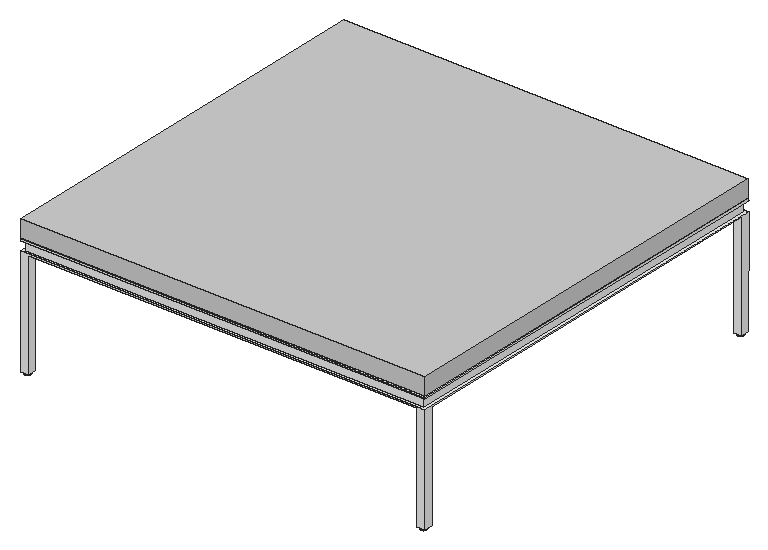
Revit family "Elan_Span_CoffeeTable", category Furniture, Revit 2010
Parameters (values of type "32"")
  Width = 2' - 8"
  Upholstery (Body) [instance] = Furniture - DECCA (Elan) - Span - Upholstery
  URL = "http://elanbydecca.com/"
  Upholstery (Seat) [instance] = Furniture - DECCA (Elan) - Span - Upholstery
  Top [instance] = Furniture - DECCA (Elan) - Span - Body
  Base [instance] = Furniture - DECCA (Elan) - Span - Base
  Product URL = "http://elanbydecca.com/PDFs/elan_tearsheet-span.pdf"
  Model = "DG CT140"
  Manufacturer = "Decca Contract"
  Height = 0' - 11"  # constant formula
  Description = "Span Coffee Table, 32\""
  Depth = 2' - 8"  # constant formula
  Assembly Description = "Furniture & Accessories"
  Assembly Code = "E2020200"
Types (3): name | Width | Model | Description
  (no name) | 2' - 8" | "DG CT140" | "Span Coffee Table, 32\""
  64" | 5' - 4" | "DG CT150" | "Span Coffee Table, 64\""
  32" | 2' - 8" | "DG CT140" | "Span Coffee Table, 32\""
Reference planes (in)
  plane 1 "Center Front/Back": y = -0.7524
  plane 2: z = 0
  plane 3 "Center Left/Right": x = 0
  plane 4 "L": x = -16
  plane 5 "R": x = 16
  plane 6 "F": y = -16.7524
  plane 7: y = 15.2476
  plane 8: through (-6.25338, 2.33237, 23.38953) normal (0.4297, -0.4297, 0.7941)
  plane 9: z = 11
  plane 10: x = 14.58682
  plane 11: x = -14.58682
  plane 12: y = -15.33922
  plane 13: y = 13.83442
  plane 14: z = 11
  plane 15: z = 9.65042
  plane 16: z = 9.56045
  plane 17: z = 9.44049
  plane 18: z = 8.69071
  plane 19 "BR": z = 8.57075
  plane 20: z = 0.14995
  plane 21: x = -15.34233
  plane 22: x = 15.34233
  plane 23: y = 14.58631
  plane 24: y = -16.09111
  plane 25 "fl": y = -16.42176
  plane 26 "bl": y = 14.91696
  plane 27: x = -15.67117
  plane 28: x = 15.67117
Forms (in)
  Sweep 1, solid, material "Furniture - DECCA (Elan) - Span - Base" <- "Base"
    path origin (0, 0, 8.57075) x (0, -1, 0) y (1, 0, 0)
      loop
        line (-13.83442, -14.58682) -> (15.33922, -14.58682) -> (15.33922, 14.58682) -> (-13.83442, 14.58682) -> (-13.83442, -14.58682)
    profile origin (-14.58682, -0.7524, 8.57075) x (1, 0, 0) y (0, 0, 1)
      loop
        line (0, 0.11996) -> (-0.45349, 0.11996) -> (-0.45349, 0.9897) -> (-0.63343, 0.9897) -> (-0.63343, 1.07968) -> (-1.23324, 1.07968) -> (-1.23324, 0.9897) -> (-1.41318, 0.9897) -> (-1.41318, 0.86974) -> (-1.17326, 0.86974) -> (-1.17326, 0.11996) -> (-1.41318, 0.11996) -> (-1.41318, 0) -> (0, 0) -> (0, 0.11996)
  Extrusion 2, solid, material "Furniture - DECCA (Elan) - Span - Base" <- "Base"
    sketch origin (0, 0, 8.57075) x (0, -1, 0) y (1, 0, 0)
      loop
        line (-15.2476, -16) -> (-14.58631, -16) -> (-14.58631, -15.34233) -> (-15.2476, -15.34233) -> (-15.2476, -16)
      loop
        line (16.7524, -16) -> (16.7524, -15.34233) -> (16.09111, -15.34233) -> (16.09111, -16) -> (16.7524, -16)
      loop
        line (-15.2476, 15.34233) -> (-14.58631, 15.34233) -> (-14.58631, 16) -> (-15.2476, 16) -> (-15.2476, 15.34233)
      loop
        line (16.09111, 15.34233) -> (16.7524, 15.34233) -> (16.7524, 16) -> (16.09111, 16) -> (16.09111, 15.34233)
    from -8.42079 to 0
  Revolve 3, solid, material "Furniture - DECCA (Elan) - Span - Base" <- "Base"
    sketch origin (0, -16.42176, 0) x (1, 0, 0) y (0, 0, 1)
      loop
        line (-15.67117, 0) -> (-15.67117, 0.14995) -> (-15.93752, 0.14995) -> (-15.93752, 0.06366)
        arc (-15.93752, 0.06366) -> (-15.91887, 0.01865) -> (-15.87386, 0) r 0.06366
        line (-15.87386, 0) -> (-15.67117, 0)
      axis (-15.67117, 0.14995) -> (-15.67117, 0)
    angle from 0 to 360
  Revolve 4, solid, material "Furniture - DECCA (Elan) - Span - Base" <- "Base"
    sketch origin (0, 14.91696, 0) x (1, 0, 0) y (0, 0, 1)
      loop
        line (-15.67117, 0) -> (-15.67117, 0.14995) -> (-15.93752, 0.14995) -> (-15.93752, 0.06366)
        arc (-15.93752, 0.06366) -> (-15.91887, 0.01865) -> (-15.87386, 0) r 0.06366
        line (-15.87386, 0) -> (-15.67117, 0)
      axis (-15.67117, 0.14995) -> (-15.67117, 0)
    angle from 0 to 360
  Revolve 5, solid, material "Furniture - DECCA (Elan) - Span - Base" <- "Base"
    sketch origin (0, -16.42176, 0) x (1, 0, 0) y (0, 0, 1)
      loop
        line (15.67117, 0) -> (15.67117, 0.14995) -> (15.40482, 0.14995) -> (15.40482, 0.06366)
        arc (15.40482, 0.06366) -> (15.42346, 0.01865) -> (15.46848, 0) r 0.06366
        line (15.46848, 0) -> (15.67117, 0)
      axis (15.67117, 0.14995) -> (15.67117, 0)
    angle from 0 to 360
  Revolve 6, solid, material "Furniture - DECCA (Elan) - Span - Base" <- "Base"
    sketch origin (0, 14.91696, 0) x (1, 0, 0) y (0, 0, 1)
      loop
        line (15.67117, 0) -> (15.67117, 0.14995) -> (15.40482, 0.14995) -> (15.40482, 0.06366)
        arc (15.40482, 0.06366) -> (15.42346, 0.01865) -> (15.46848, 0) r 0.06366
        line (15.46848, 0) -> (15.67117, 0)
      axis (15.67117, 0.14995) -> (15.67117, 0)
    angle from 0 to 360
  Extrusion 7, solid, material "Furniture - DECCA (Elan) - Span - Body" <- "Top"
    sketch origin (0, 0, 8.57075) x (0, -1, 0) y (1, 0, 0)
      loop
        line (-15.2476, -16) -> (16.7524, -16) -> (16.7524, 16) -> (-15.2476, 16) -> (-15.2476, -16)
    from 1.07968 to 2.42925
Cuts and joins
  joined: Sweep 1, Extrusion 2, Revolve 3, Revolve 4, Revolve 5, Revolve 6
Dimensions and locks (in)
  equal spacing: plane 4 "L", plane 3 "Center Left/Right", plane 5 "R"
  equal spacing: plane 7, plane 1 "Center Front/Back", plane 6 "F"
  "Width": plane 4 "L" to plane 5 "R"
  "Depth": plane 7 to plane 6 "F"
  "Height": plane 9 to level
  locked: plane 10 to plane 5 "R" at 1.41318
  locked: plane 4 "L" to plane 11 at 1.41318
  locked: plane 13 to plane 7 at 1.41318
  locked: plane 6 "F" to plane 12 at 1.41318
  locked: plane 20 to level at 0.14995
  plane 14 to plane 15 to plane 16 to plane 17 to plane 18 to plane 19 "BR" = 0' - 1.34958" locked, 0' - 0.08997" locked, 0' - 0.11996" locked, 0' - 0.74978" locked, 0' - 0.11996" locked
  plane 4 "L" to plane 27 to plane 21 = 0' - 0.32883" locked, 0' - 0.32883" locked
  plane 22 to plane 28 to plane 5 "R" = 0' - 0.32883" locked, 0' - 0.32883" locked
  plane 23 to plane 26 "bl" to plane 7 = 0' - 0.33064" locked, 0' - 0.33064" locked
  plane 24 to plane 25 "fl" to plane 6 "F" = 0' - 0.33064" locked, 0' - 0.33064" locked
  "Height": plane 14 to level
  aligned and locked: Sweep 1 sketch curve to plane 11
  aligned and locked: plane 13 to Sweep 1 sketch curve
  aligned and locked: plane 10 to Sweep 1 sketch curve
  aligned and locked: Sweep 1 sketch curve to plane 12
  aligned and locked: profile plane to Sweep 1 sketch curve
  aligned and locked: Sweep 1 sketch curve to plane 19 "BR"
  aligned and locked: Sweep 1 sketch curve to plane 18
  aligned and locked: Sweep 1 sketch curve to plane 4 "L"
  aligned and locked: Sweep 1 sketch curve to plane 17
  aligned and locked: Sweep 1 sketch curve to plane 16
  aligned and locked: plane 4 "L" to Extrusion 2 sketch curve
  aligned and locked: plane 21 to Extrusion 2 sketch curve
  aligned and locked: plane 7 to Extrusion 2 sketch curve
  aligned and locked: plane 6 "F" to Extrusion 2 sketch curve
  aligned and locked: Extrusion 2 sketch curve to plane 22
  aligned and locked: Extrusion 2 sketch curve to plane 5 "R"
  aligned and locked: Extrusion 2 to plane 19 "BR"
  aligned and locked: plane 7 to Extrusion 7 sketch curve
  aligned and locked: plane 4 "L" to Extrusion 7 sketch curve
  aligned and locked: Extrusion 7 sketch curve to plane 5 "R"
  aligned and locked: plane 6 "F" to Extrusion 7 sketch curve
  aligned and locked: plane 15 to Extrusion 7
  aligned and locked: Extrusion 7 to plane 14
  aligned and locked: plane 20 to Extrusion 2
Automatic sketch dimensions
  Sweep 1 sketch curve to Sweep 1 sketch curve = 0' - 0"
  Sweep 1 sketch curve to Sweep 1 sketch curve = 0' - 0.17994"
  Sweep 1 sketch curve to Sweep 1 sketch curve = 0' - 0.05998"
  Sweep 1 sketch curve to Sweep 1 sketch curve = 0' - 0.53983"
  profile plane to Sweep 1 sketch curve = 0' - 0.45349"
  Sweep 1 sketch curve to plane 19 "BR" = 0' - 0.11996"
  Sweep 1 sketch curve to Sweep 1 sketch curve = 0' - 0.11996"
  Sweep 1 sketch curve to Sweep 1 sketch curve = 0' - 0.08997"
  Extrusion 2 sketch curve to plane 7 = 0' - 0"
  plane 23 to Extrusion 2 sketch curve = 0' - 0"  (x2)
  Extrusion 2 sketch curve to plane 22 = 0' - 0"
  Extrusion 2 sketch curve to plane 24 = 0' - 0"  (x2)
  Extrusion 2 sketch curve to plane 4 "L" = 0' - 0"
  Extrusion 2 sketch curve to plane 6 "F" = 0' - 0"
  Extrusion 2 sketch curve to plane 21 = 0' - 0"
  Extrusion 2 sketch curve to plane 5 "R" = 0' - 0"
  Revolve 3 sketch curve to plane 20 = 0' - 0"
  Revolve 3 sketch curve to level = 0' - 0"
  Revolve 3 sketch curve to plane 27 = 0' - 0"  (x2)
  Revolve 3 sketch curve to plane 4 "L" = 0' - 0.12614"
  Revolve 3 sketch curve to plane 4 "L" = 0' - 0 1/16"
  level to Revolve 3 sketch curve = 2' - 0"
  Revolve 3 sketch curve to plane 9 = 7' - 0.58184"
  Revolve 4 sketch curve to plane 20 = 0' - 0"
  Revolve 4 sketch curve to level = 0' - 0"
  Revolve 4 sketch curve to plane 27 = 0' - 0"  (x2)
  plane 4 "L" to Revolve 4 sketch curve = 0' - 0.12614"
  plane 4 "L" to Revolve 4 sketch curve = 0' - 0 1/16"
  Revolve 4 sketch curve to level = 2' - 0"
  plane 9 to Revolve 4 sketch curve = 7' - 0.58184"
  Revolve 5 sketch curve to plane 20 = 0' - 0"
  Revolve 5 sketch curve to level = 0' - 0"
  plane 28 to Revolve 5 sketch curve = 0' - 0"
  Revolve 5 sketch curve to plane 28 = 0' - 0"
  plane 22 to Revolve 5 sketch curve = 0' - 0.12614"
  plane 22 to Revolve 5 sketch curve = 0' - 0 1/16"
  level to Revolve 5 sketch curve = 2' - 0"
  Revolve 5 sketch curve to plane 9 = 7' - 0.58184"
  Revolve 6 sketch curve to plane 20 = 0' - 0"
  Revolve 6 sketch curve to level = 0' - 0"
  plane 28 to Revolve 6 sketch curve = 0' - 0"  (x2)
  Revolve 6 sketch curve to plane 22 = 0' - 0.12614"
  Revolve 6 sketch curve to plane 22 = 0' - 0 1/16"
  Revolve 6 sketch curve to level = 2' - 0"
  plane 9 to Revolve 6 sketch curve = 7' - 0.58184"
